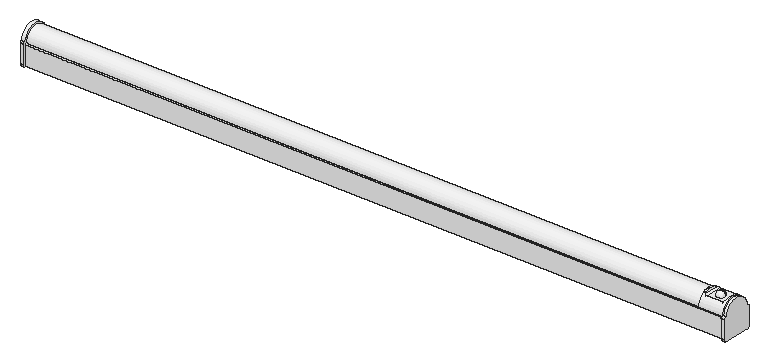
Revit family "0045218 Feilo Sylvania Lighting Fixture SYLBATTEN LED4 NW TP3 PIR", category Lighting Fixtures, host Face, Revit 2017
Family settings
  Host = Face
  Round Connector Dimension = Use Diameter
  Part Type = Normal
  OmniClass Number = 23.80.70.00
  OmniClass Title = Lighting
  Cut with Voids When Loaded = No
  Light Source = Yes
  Shared = No
  Room Calculation Point = No
Parameters (values of type "0045218 SYLBATTEN LED4 NW TP3 PIR")
  Width_FEILO = 66 mm
  Weight = "3.3 kg"
  Wattage Comments = "n/a"
  Wattage = 39 W
  WarrantyStartDate [instance] = "n/a"
  WarrantyGuarantorParts = "n/a"
  WarrantyDurationUnit = "n/a"
  WarrantyDurationParts = "n/a"
  WarrantyDescription = "n/a"
  built-in parameter 1150110 = 1 (stored number, unit not read)
  Voltage = 230 V
  URL = "http://www.sylvania-lighting.com"
  TypeName = "SYLBATTEN LED4 NW TP3 PIR"
  Type Image = <None>
  Type Comments = "n/a"
  built-in parameter 1114217 = 1 (stored number, unit not read)
  Tilt Angle = -90.00°
  built-in parameter 1150109 = 1 (stored number, unit not read)
  built-in parameter 1150134 = 12
  SymReflector_FEILO = no
  built-in parameter 1150113 = 1 (stored number, unit not read)
  SerialNumber [instance] = "n/a"
  RadiusPIR_FEILO = 9 mm
  RadiusDiffuser_FEILO = 27 mm
  PowerFactor = 0
  PowerConsumption = "39 W"
  Photometric Web File = "0045218.ies"
  NominalLength = 1605 mm
  NominalHeight = 76 mm
  NominalDepth = 66 mm
  Name = "SYLBATTEN LED4 NW TP3 PIR"
  ModelReference = Name  # "SYLBATTEN LED4 NW TP3 PIR"
  ModelNumber = "0045218"
  Model = Name  # "SYLBATTEN LED4 NW TP3 PIR"
  Material_4_FEILO = Reflector-Sylvania-Sylbatten-White
  Material_3_FEILO = Diffuser-Sylvania-Sylbatten-Glow
  Material_2_FEILO = Body-Sylvania-Sylbatten-White
  Material_1_FEILO = Body-Sylvania-Sylbatten-White
  Material = "sheet steel housing, polycarbonate diffuser"
  ManufacturerName = "Feilo Sylvania"
  Manufacturer = "Feilo Sylvania"
  LuminousEfficacy = "107.4 lm/W"
  built-in parameter 1150105 = 1179 (stored number, unit not read)
  Lumens = 4188.99 lm
  LuminaireType = ""
  built-in parameter 1150115 = 1 (stored number, unit not read)
  LightOutputRatio = "100"
  built-in parameter 1150137 = (empty or 0)
  built-in parameter 1150139 = (empty or 0)
  Length_FEILO = 1605 mm
  LampsType = Lamp  # "LED"
  LampNominalLuminous = "4189 lm"
  LampMacAdamStep = "n/a"
  LampColourTemperature = "4000 K"
  LampColourRenderingIndex = "80"
  built-in parameter 1150112 = 1 (stored number, unit not read)
  built-in parameter 1150114 = 1 (stored number, unit not read)
  Lamp = "LED"
  Keynote = "16500"
  InstallationDate [instance] = "n/a"
  InputVoltage = "220-240V~"
  InputNominalFrequency = "n/a"
  built-in parameter 1150132 = (empty or 0)
  built-in parameter 1150102 = (empty or 0)
  built-in parameter 1150107 = 4000 (stored number, unit not read)
  built-in parameter 1150138 = (empty or 0)
  IngressProtection = "IP20"
  ImpactProtectionIndex = "IK07"
  built-in parameter 1150106 = 11.79 (stored number, unit not read)
  IfcExportType = "IfcLightFixtureType"
  IfcExportAs = "IfcLightFixtureType"
  Height_FEILO = 76 mm
  ExpectedLife = 50000
  Emit from Rectangle Width = Length_FEILO - 16 mm - 55 mm  # 1534 mm
  Emit from Rectangle Length = Width_FEILO - 40 mm  # 26 mm
  Emit Shape Visible in Rendering = no
  ElectricShockClassification = "Class I"
  built-in parameter 1150104 = 9.9787 (stored number, unit not read)
  DurationUnit = "hours"
  DocumentationLiterature = "http://www.sylvania-lighting.com/product/en-int/products/0045218"
  DimmingControlOptions = "n/a"
  Dimming Lamp Color Temperature Shift = <None>
  Description = "LED batten, T8 replacement, ease of installation through 2 part push-in design of the housing (safety cable included), through wiring capability (TP3 = 3 core), sheet steel, 4189LM, 39W, 107lm/W, 4000K, drive current: 350mA, CRI 80, 138° wide beam angle, electronic driver (non dimmable), with integrated PIR sensor, IP20, IK07, 50,000 hrs (L70), (LxWxH) 1505x66x76mm, 5 step MacAdam ellipse, 3.7kg, white RAL9016, Class 1, 220-240V, energy class: A++, A+, A."
  Default Elevation = 1219.2 mm
  CreatedOn = "2/1/2018"
  CreatedBy = ""
  Cost = 0
  Color Filter = 16777215
  built-in parameter 1114216 [instance] = (empty or 0)
  ClassificationValue = "EF_70_80"
  ClassificationName = "Uniclass2015"
  CapOffset_FEILO = 2 mm
  BarCode [instance] = "n/a"
  built-in parameter 1114218 = 1 (stored number, unit not read)
  BackReflector_FEILO = and(not(AsymReflector_FEILO), SymReflector_FEILO)  # no
  built-in parameter 1150133 = 10 (stored number, unit not read)
  FrontReflector_FEILO = or(AsymReflector_FEILO, SymReflector_FEILO)  # no
  AsymReflector_FEILO = no
  AssetType = "Fixed"
  AssetIdentifier [instance] = "n/a"
  Assembly Code = "D5020200"
  Apparent Load = 39 VA
Reference planes
  plane 1 "Center (Front/Back)": y = 0
  plane 2: z = 0
  plane 3 "Center (Left/Right)": x = 0
  plane 4: x = 802.5
  plane 5: x = -802.5
  plane 6: y = 33
  plane 7: y = -33
  plane 8: z = 76
  plane 9: z = 47
  plane 10: y = -29
  plane 11: y = 29
  plane 12: z = 20
  plane 13: z = 74
  plane 14: y = -31
  plane 15: y = -27
  plane 16: y = 27
  plane 17: y = 31
  plane 18: z = 2
  plane 19: x = -794.5
  plane 20: x = 794.5
  plane 21: z = 49
  plane 22: y = 1
  plane 23: y = -1
  plane 24: z = 21
  plane 25: z = 19
  plane 26: y = -61
  plane 27: y = 61
  plane 28: y = -56
  plane 29: y = 56
  plane 30: z = 91
  plane 31: z = 88
  plane 32: x = 739.5
  plane 33: x = 745.5
  plane 34: x = 788.5
  plane 35: z = 69
  plane 36: x = 767
  plane 37: x = -27.5
Forms (mm)
  Extrusion 1, solid, material "Body-Sylvania-Sylbatten-White" <- "Material_2_FEILO"
    sketch origin (0, 0, 0) x (0, 1, 0) y (0, 0, 1)
      loop
        line (-31, 2) -> (31, 2) -> (31, 45)
        arc (31, 45) -> (30.414, 46.414) -> (29, 47) r 2
        line (29, 47) -> (-29, 47)
        arc (-29, 47) -> (-30.414, 46.414) -> (-31, 45) r 2
        line (-31, 45) -> (-31, 2)
    from -794.5 to 794.5
  Extrusion 2, solid, material "Body-Sylvania-Sylbatten-White" <- "Material_2_FEILO"
    sketch origin (802.5, 1524, 1219.2) x (0, 1, 0) y (0, 0, 1)
      loop
        arc (-1494, -1219.2) -> (-1491.879, -1218.321) -> (-1491, -1216.2) r 3
        line (-1491, -1216.2) -> (-1491, -1173.2)
        arc (-1491, -1173.2) -> (-1491.879, -1171.079) -> (-1494, -1170.2) r 3
        line (-1494, -1170.2) -> (-1495.069, -1170.2)
        arc (-1495.069, -1170.2) -> (-1524, -1143.2) -> (-1552.931, -1170.2) r 29
        line (-1552.931, -1170.2) -> (-1554, -1170.2)
        arc (-1554, -1170.2) -> (-1556.121, -1171.079) -> (-1557, -1173.2) r 3
        line (-1557, -1173.2) -> (-1557, -1216.2)
        arc (-1557, -1216.2) -> (-1556.121, -1218.321) -> (-1554, -1219.2) r 3
        line (-1554, -1219.2) -> (-1494, -1219.2)
      loop
        arc (-1525, -1189.25) -> (-1531.071, -1192.129) -> (-1533.95, -1198.2) r 10
        line (-1533.95, -1198.2) -> (-1532.944, -1198.2)
        arc (-1532.944, -1198.2) -> (-1530.364, -1192.836) -> (-1525, -1190.256) r 9
        line (-1525, -1190.256) -> (-1525, -1189.25)
      loop
        arc (-1523, -1190.256) -> (-1517.636, -1192.836) -> (-1515.056, -1198.2) r 9
        line (-1515.056, -1198.2) -> (-1514.05, -1198.2)
        arc (-1514.05, -1198.2) -> (-1516.929, -1192.129) -> (-1523, -1189.25) r 10
        line (-1523, -1189.25) -> (-1523, -1190.256)
      loop
        line (-1532.944, -1200.2) -> (-1533.95, -1200.2)
        arc (-1533.95, -1200.2) -> (-1531.071, -1206.271) -> (-1525, -1209.15) r 10
        line (-1525, -1209.15) -> (-1525, -1208.144)
        arc (-1525, -1208.144) -> (-1530.364, -1205.564) -> (-1532.944, -1200.2) r 9
      loop
        arc (-1515.056, -1200.2) -> (-1517.636, -1205.564) -> (-1523, -1208.144) r 9
        line (-1523, -1208.144) -> (-1523, -1209.15)
        arc (-1523, -1209.15) -> (-1516.929, -1206.271) -> (-1514.05, -1200.2) r 10
        line (-1514.05, -1200.2) -> (-1515.056, -1200.2)
    from 0 to -8
  Extrusion 3, solid, material "Body-Sylvania-Sylbatten-White" <- "Material_2_FEILO"
    sketch origin (-802.5, 1524, 1219.2) x (0, 1, 0) y (0, 0, 1)
      loop
        arc (-1495.069, -1170.2) -> (-1524, -1143.2) -> (-1552.931, -1170.2) r 29
        line (-1552.931, -1170.2) -> (-1554, -1170.2)
        arc (-1554, -1170.2) -> (-1556.121, -1171.079) -> (-1557, -1173.2) r 3
        line (-1557, -1173.2) -> (-1557, -1216.2)
        arc (-1557, -1216.2) -> (-1556.121, -1218.321) -> (-1554, -1219.2) r 3
        line (-1554, -1219.2) -> (-1494, -1219.2)
        arc (-1494, -1219.2) -> (-1491.879, -1218.321) -> (-1491, -1216.2) r 3
        line (-1491, -1216.2) -> (-1491, -1173.2)
        arc (-1491, -1173.2) -> (-1491.879, -1171.079) -> (-1494, -1170.2) r 3
        line (-1494, -1170.2) -> (-1495.069, -1170.2)
      loop
        line (-1533.95, -1198.2) -> (-1532.944, -1198.2)
        arc (-1532.944, -1198.2) -> (-1530.364, -1192.836) -> (-1525, -1190.256) r 9
        line (-1525, -1190.256) -> (-1525, -1189.25)
        arc (-1525, -1189.25) -> (-1531.071, -1192.129) -> (-1533.95, -1198.2) r 10
      loop
        line (-1523, -1189.25) -> (-1523, -1190.256)
        arc (-1523, -1190.256) -> (-1517.636, -1192.836) -> (-1515.056, -1198.2) r 9
        line (-1515.056, -1198.2) -> (-1514.05, -1198.2)
        arc (-1514.05, -1198.2) -> (-1516.929, -1192.129) -> (-1523, -1189.25) r 10
      loop
        line (-1514.05, -1200.2) -> (-1515.056, -1200.2)
        arc (-1515.056, -1200.2) -> (-1517.636, -1205.564) -> (-1523, -1208.144) r 9
        line (-1523, -1208.144) -> (-1523, -1209.15)
        arc (-1523, -1209.15) -> (-1516.929, -1206.271) -> (-1514.05, -1200.2) r 10
      loop
        line (-1525, -1209.15) -> (-1525, -1208.144)
        arc (-1525, -1208.144) -> (-1530.364, -1205.564) -> (-1532.944, -1200.2) r 9
        line (-1532.944, -1200.2) -> (-1533.95, -1200.2)
        arc (-1533.95, -1200.2) -> (-1531.071, -1206.271) -> (-1525, -1209.15) r 10
    from 0 to 8
  Extrusion 4, solid, material "Reflector-Sylvania-Sylbatten-White" <- "Material_4_FEILO", visible <- "FrontReflector_FEILO"
    sketch origin (0, 0, 0) x (0, 1, 0) y (0, 0, 1)
      loop
        line (-61.257, 88.429) -> (-60.743, 87.571) -> (-56.621, 90.044)
        arc (-56.621, 90.044) -> (-56.237, 90.099) -> (-55.929, 89.863) r 0.5
        line (-55.929, 89.863) -> (-31.435, 46.753) -> (-30.565, 47.247) -> (-55.312, 90.802)
        arc (-55.312, 90.802) -> (-55.928, 91.275) -> (-56.696, 91.165) r 1
        line (-56.696, 91.165) -> (-61.257, 88.429)
    from -794.5 to 794.5
  Extrusion 5, solid, material "Reflector-Sylvania-Sylbatten-White" <- "Material_4_FEILO", visible <- "BackReflector_FEILO"
    sketch origin (0, 0, 0) x (0, 1, 0) y (0, 0, 1)
      loop
        line (30.565, 47.247) -> (31.435, 46.753) -> (55.932, 89.868)
        arc (55.932, 89.868) -> (56.245, 90.112) -> (56.638, 90.062) r 0.518
        line (56.638, 90.062) -> (61.033, 87.565) -> (61.527, 88.435) -> (56.682, 91.188)
        arc (56.682, 91.188) -> (55.922, 91.282) -> (55.318, 90.812) r 1
        line (55.318, 90.812) -> (30.565, 47.247)
    from -794.5 to 794.5
  Extrusion 6, solid, material "Diffuser-Sylvania-Sylbatten-Glow" <- "Material_3_FEILO"
    sketch origin (0, 0, 0) x (0, 1, 0) y (0, 0, 1)
      loop
        arc (27, 47) -> (0, 74) -> (-27, 47) r 27
        line (-27, 47) -> (27, 47)
    from -794.5 to 739.5
  Extrusion 7, solid, material "Body-Sylvania-Sylbatten-White" <- "Material_2_FEILO"
    sketch origin (739.5, 1524, 1219.2) x (0, 1, 0) y (0, 0, 1)
      loop
        arc (-1495, -1172.2) -> (-1524, -1143.2) -> (-1553, -1172.2) r 29
        line (-1553, -1172.2) -> (-1495, -1172.2)
    from 0 to 55
  Extrusion 8, void
    sketch origin (0, 0, 0) x (1, 0, 0) y (0, 0, 1)
      loop
        line (748.432, 69) -> (785.568, 69)
        arc (785.568, 69) -> (787.933, 69.774) -> (789.383, 71.795) r 4
        line (789.383, 71.795) -> (794.5, 88) -> (739.5, 88) -> (744.617, 71.795)
        arc (744.617, 71.795) -> (746.067, 69.774) -> (748.432, 69) r 4
    from -27 to 27
  Revolve 9, solid, material "Body-Sylvania-Sylbatten-White" <- "Material_2_FEILO"
    sketch origin (0, 0, 0) x (1, 0, 0) y (0, 0, 1)
      loop
        arc (776, 69) -> (773.364, 75.364) -> (767, 78) r 9
        line (767, 78) -> (767, 69) -> (776, 69)
      axis (767, 78) -> (767, 69)
    angle from 360 to 0
Cuts and joins
  Extrusion 8 cuts Extrusion 7
Lines and regions (mm)
  reference lines
    curve 1: line (0, -61, 88) -> (0, -56, 91)
    curve 2: line (0, -56, 91) -> (0, -31, 47)
    curve 3: line (0, 31, 47) -> (0, 56, 91)
    curve 4: line (0, 56, 91) -> (0, 61.28, 88)
Dimensions and locks
  equal spacing: plane 5, plane 3 "Center (Left/Right)", plane 4
  equal spacing: plane 7, plane 1 "Center (Front/Back)", plane 6
  "Width_FEILO": plane 7 to plane 6
  "Length_FEILO": plane 5 to plane 4
  "Height_FEILO": plane 8 to plane 2
  locked: plane 9 to plane 8 at 29
  equal spacing: plane 10, plane 1 "Center (Front/Back)", plane 11
  locked: plane 7 to plane 10 at 4
  locked: plane 12 to plane 2 at 20
  "CapOffset_FEILO": plane 13 to plane 8
  "CapOffset_FEILO": plane 7 to plane 14
  "CapOffset_FEILO": plane 10 to plane 15
  "CapOffset_FEILO": plane 17 to plane 6
  "CapOffset_FEILO": plane 16 to plane 11
  "CapOffset_FEILO": plane 18 to plane 2
  locked: plane 14 to Extrusion 1 sketch curve at 2
  locked: Extrusion 1 sketch curve to plane 9 at 2  (x2)
  locked: plane 16 to Extrusion 1 sketch curve at 2
  equal spacing: plane 19, plane 3 "Center (Left/Right)", plane 20
  locked: plane 5 to plane 19 at 8
  "CapOffset_FEILO": plane 9 to plane 21
  locked: Extrusion 2 sketch curve to plane 2 at 47
  locked: Extrusion 2 sketch curve to plane 2 at 3  (x2)
  locked: plane 7 to Extrusion 2 sketch curve at 3  (x2)
  locked: Extrusion 2 sketch curve to plane 6 at 3  (x2)
  locked: Extrusion 2 sketch curve to plane 21 at 3  (x2)
  equal spacing: plane 23, plane 1 "Center (Front/Back)", plane 22
  equal spacing: plane 25, plane 12, plane 24
  plane 30 to plane 31 to plane 2 = 3 mm locked, 88 mm locked
  plane 28 to plane 29 = 112 mm
  plane 26 to plane 27 = 122 mm
  locked: plane 32 to plane 20 at 55
  plane 20 to plane 34 = 6 mm
  plane 33 to plane 32 = 6 mm
  plane 21 to plane 35 = 20 mm
  locked: Extrusion 8 sketch curve to plane 35 at 4  (x2)
  locked: Extrusion 8 sketch curve to plane 33 at 2.932
  locked: plane 34 to Extrusion 8 sketch curve at 2.932
  equal spacing: plane 34, plane 36, plane 33
  locked: plane 37 to plane 3 "Center (Left/Right)" at 27.5
  "RadiusDiffuser_FEILO": radius of Extrusion 6 sketch curve
  "RadiusPIR_FEILO": radius of Revolve 9 sketch curve
  aligned and locked: plane 2 to host face
  aligned and locked: level to host face
  aligned and locked: plane 18 to Extrusion 1 sketch curve
  aligned and locked: plane 14 to Extrusion 1 sketch curve
  aligned and locked: Extrusion 1 sketch curve to plane 9
  aligned and locked: Extrusion 1 sketch curve to plane 17
  aligned and locked: plane 20 to Extrusion 1
  aligned and locked: level to Extrusion 2 sketch curve
  aligned and locked: Extrusion 2 sketch curve to plane 7
  aligned and locked: plane 21 to Extrusion 2 sketch curve
  aligned and locked: Extrusion 2 sketch curve to plane 21
  aligned and locked: plane 1 "Center (Front/Back)" to Extrusion 2 sketch curve  (x3)
  aligned and locked: Extrusion 2 to Extrusion 1
  aligned and locked: plane 4 to Extrusion 2
  aligned and locked: plane 12 to Extrusion 2 sketch curve  (x2)
  aligned and locked: Extrusion 2 sketch curve to plane 22
  aligned and locked: Extrusion 2 sketch curve to plane 23
  aligned and locked: Extrusion 2 sketch curve to plane 24
  aligned and locked: Extrusion 2 sketch curve to plane 25
  aligned and locked: plane 25 to Extrusion 2 sketch curve
  aligned and locked: plane 22 to Extrusion 2 sketch curve
  aligned and locked: plane 24 to Extrusion 2 sketch curve
  aligned and locked: plane 23 to Extrusion 2 sketch curve  (x2)
  aligned and locked: Extrusion 3 sketch curve to Extrusion 2  (x22)
  aligned and locked: Extrusion 3 to Extrusion 1
  aligned and locked: Extrusion 3 to plane 5
  aligned and locked: plane 19 to Extrusion 3
  aligned and locked: plane 31 to curve 1
  aligned and locked: plane 30 to curve 1
  aligned and locked: plane 14 to curve 2
  aligned and locked: plane 9 to curve 2
  aligned and locked: plane 17 to curve 3
  aligned and locked: plane 30 to curve 3
  aligned and locked: plane 31 to curve 4
  aligned and locked: Extrusion 4 sketch curve to curve 2
  aligned and locked: Extrusion 4 sketch curve to curve 1
  aligned and locked: Extrusion 4 to Extrusion 1
  aligned and locked: Extrusion 1 to Extrusion 4
  aligned and locked: imposter light to plane 1 "Center (Front/Back)"
  aligned and locked: imposter light to plane 13
  aligned and locked: Extrusion 5 sketch curve to curve 4
  aligned and locked: Extrusion 5 sketch curve to curve 3
  aligned and locked: Extrusion 1 to Extrusion 5
  aligned and locked: Extrusion 5 to Extrusion 1
  aligned and locked: plane 9 to Extrusion 6 sketch curve  (x3)
  aligned and locked: plane 15 to Extrusion 6 sketch curve
  aligned and locked: plane 32 to Extrusion 6
  aligned and locked: Extrusion 1 to Extrusion 6
  aligned and locked: Extrusion 1 to Extrusion 7
  aligned and locked: Extrusion 7 to plane 32
  aligned and locked: Extrusion 7 sketch curve to Extrusion 2
  aligned and locked: Extrusion 7 sketch curve to Extrusion 1
  aligned and locked: Extrusion 1 to Extrusion 7 sketch curve
  aligned and locked: plane 35 to Extrusion 8 sketch curve
  aligned and locked: plane 15 to Extrusion 8
  aligned and locked: Extrusion 8 to plane 16
  aligned and locked: plane 31 to Extrusion 8 sketch curve  (x2)
  aligned and locked: plane 32 to Extrusion 8 sketch curve
  aligned and locked: plane 20 to Extrusion 8 sketch curve
  aligned and locked: Revolve 9 sketch curve to plane 36  (x2)
  aligned and locked: cut or joined group of Extrusion 7, Extrusion 8 to Revolve 9 sketch curve
  aligned and locked: imposter light to plane 37
Automatic sketch dimensions
  host sketch curve to host sketch curve = 2438.4 mm  (x2)
  Extrusion 2 sketch curve to Extrusion 2 sketch curve = 0 mm  (x14)
  Extrusion 2 sketch curve to plane 10 = 0.069 mm
  plane 23 to Extrusion 2 sketch curve = 8.95 mm
  Extrusion 2 sketch curve to Extrusion 2 sketch curve = 1.006 mm  (x4)
  Extrusion 2 sketch curve to plane 22 = 7.944 mm
  curve 1 to plane 26 = 0 mm
  curve 2 to plane 28 = 0 mm
  curve 4 to plane 29 = 0 mm
  plane 9 to curve 3 = 0 mm
  plane 26 to Extrusion 4 sketch curve = 0.257 mm
  Extrusion 4 sketch curve to plane 26 = 0.257 mm
  Extrusion 4 sketch curve to plane 30 = 0.165 mm
  plane 28 to Extrusion 4 sketch curve = 0.696 mm
  plane 28 to Extrusion 4 sketch curve = 0.621 mm
  plane 28 to Extrusion 4 sketch curve = 0.364 mm
  plane 28 to Extrusion 4 sketch curve = 0.182 mm
  Extrusion 4 sketch curve to plane 28 = 0.071 mm
  plane 30 to Extrusion 4 sketch curve = 0.198 mm
  Extrusion 4 sketch curve to plane 28 = 0.688 mm
  plane 9 to Extrusion 4 sketch curve = 0.247 mm
  plane 1 "Center (Front/Back)" to Extrusion 4 sketch curve = 31.435 mm
  Extrusion 5 sketch curve to plane 9 = 0.247 mm
  Extrusion 5 sketch curve to plane 1 "Center (Front/Back)" = 30.565 mm
  plane 9 to Extrusion 5 sketch curve = 0.247 mm
  plane 30 to Extrusion 5 sketch curve = 0.188 mm
  plane 29 to Extrusion 5 sketch curve = 0.068 mm
  Extrusion 5 sketch curve to plane 29 = 0.188 mm
  Extrusion 5 sketch curve to plane 29 = 0.382 mm
  Extrusion 5 sketch curve to Extrusion 5 sketch curve = 0.256 mm
  Extrusion 5 sketch curve to plane 30 = 0.188 mm
  Extrusion 5 sketch curve to plane 29 = 0.682 mm
  Extrusion 5 sketch curve to plane 27 = 0.033 mm
  Extrusion 5 sketch curve to plane 27 = 0.527 mm
  Extrusion 8 sketch curve to plane 33 = 0.883 mm
  plane 34 to Extrusion 8 sketch curve = 0.883 mm
  Revolve 9 sketch curve to plane 35 = 0 mm
  Revolve 9 sketch curve to plane 30 = 2347.4 mm
Connectors
  electrical at (0, 0, 0), driven by "Apparent Load", driven by "PowerFactor", driven by "Voltage"
    settings: index 1, voltage 230 V, apparent load 39 VA, apparent load phase1 0 VA, apparent load phase2 0 VA, apparent load phase3 0 VA, power factor 0, load classification "Lighting", number of poles 1, system type 30, power factor state 1, is connector primary yes, connector utility no, sub classification motor no, connector description ""
